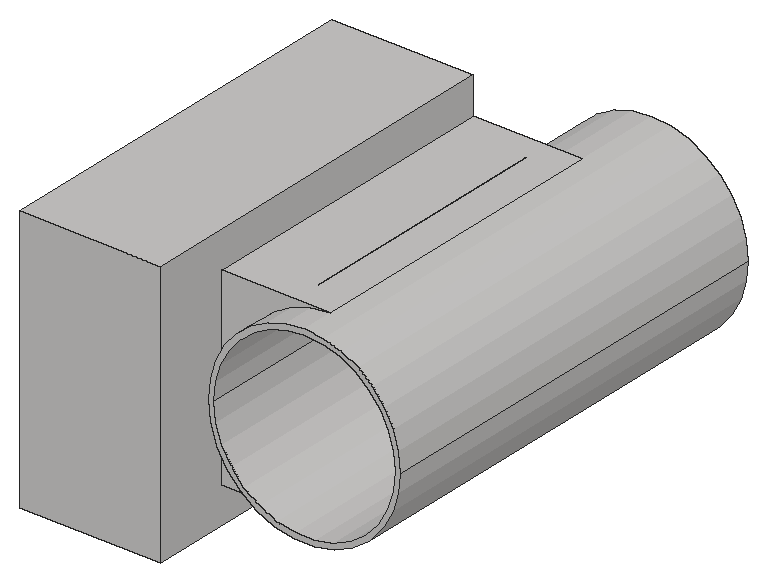
Revit family
Parameters
  Unit Weight = "21.0 lbs"
  URL = "http://www.titus-hvac.com/"
  Static Pressure [instance] = 0.00 in-wg
  Nominal Width = 1' - 4"
  Nominal Length = 1' - 10"
  Nominal Inlet Size = 0' - 9"
  Nominal Inlet Length = 1' - 8"
  Nominal Height = 1' - 0 1/4"
  Model = "DECV"
  Min. Air Flow = 0 CFM
  Max. Air Flow = 1050 CFM
  Material = Steel
  Manufacturer = "Titus"
  Inlet Radius = 0' - 4 7/16"
  Inlet Opening Radius = 0' - 4 3/16"
  Inlet Offset = 0' - 4"
  Inlet Extrusion Radius = 0' - 4 7/16"
  Inlet Diameter = 0' - 8 7/8"
  Inlet = Duct D / 2  # 0' - 4 7/16"
  Duct D = 0' - 8 7/8"
  Design Air Flow [instance] = 0 CFM
  Description = "Digital Control Terminal Unit, Retrofit, Variable Volume"
  Control Box Offset = 0' - 5 1/16"
  CADworks URL = "www.CADworks.net"
  Assembly Code = "D3040100"
Reference planes (in)
  plane 1 "Center (Front/Back)": y = 0
  plane 2: z = 0
  plane 3 "Center (Left/Right)": x = 0
  plane 4: x = -5.0625
  plane 5: y = 6
  plane 6: y = 10
  plane 7: y = -10
  plane 8: y = -10
  plane 9: z = 6.125
  plane 10: z = -6.125
  plane 11: x = -11.5625
  plane 12: x = 4.4375
  plane 13: y = -12
Forms (in)
  Extrusion 1, solid, material "Steel" <- "Material"
    sketch origin (0, 6, 0) x (-1, 0, 0) y (0, 0, -1)
      loop
        line (5.0625, -6.125) -> (11.5625, -6.125) -> (11.5625, 6.125) -> (5.0625, 6.125) -> (5.0625, -6.125)
    from 0 to 18
  Extrusion 2, solid, material "Steel" <- "Material"
    sketch origin (0, 10, 0) x (1, 0, 0) y (0, 0, 1)
      loop
        line (-5.0625, -4.4375) -> (0, -4.4375)
        arc (0, -4.4375) -> (-4.4375, 0) -> (0, 4.4375) r 4.4375
        line (0, 4.4375) -> (-5.0625, 4.4375) -> (-5.0625, -4.4375)
    from 4 to 18.5
  Extrusion 3, solid, material "Steel" <- "Material"
    sketch origin (0, -8.5, 0) x (1, 0, 0) y (0, 0, 1)
      loop
        circle (0, 0) r 4.4375
    from -18.5 to 1.5
  Extrusion 4, void
    sketch origin (0, -10, 0) x (-1, 0, 0) y (0, 0, 1)
      loop
        circle (0, 0) r 4.1875
    from 0 to 24
Cuts and joins
  Extrusion 4 cuts Extrusion 2
  Extrusion 4 cuts Extrusion 3
Dimensions and locks (in)
  locked: Extrusion 1 to Extrusion 1 at 18
  locked: Extrusion 3 sketch curve to level at 0
  locked: Extrusion 3 sketch curve to plane 3 "Center (Left/Right)" at 0
  "Control Box Offset": plane 3 "Center (Left/Right)" to Extrusion 1
  locked: Extrusion 1 sketch curve to Extrusion 1 sketch curve at 6.5
  locked: Extrusion 1 sketch curve to Extrusion 1 sketch curve at 12.25
  equal spacing: Extrusion 1 sketch curve, plane 2, Extrusion 1 sketch curve
  "Inlet Offset": plane 6 to plane 5
  locked: Extrusion 1 to plane 5 at 0
  "Inlet Diameter": Extrusion 2 sketch curve to Extrusion 2 sketch curve
  equal spacing: Extrusion 2 sketch curve, plane 2, Extrusion 2 sketch curve
  "Control Box Offset": plane 4 to plane 3 "Center (Left/Right)"
  "Inlet Offset": plane 6 to cut or joined group of Extrusion 2, Extrusion 4
  locked: cut or joined group of Extrusion 3, Extrusion 4 to plane 6 at 0
  "Nominal Inlet Length": cut or joined group of Extrusion 3, Extrusion 4 to cut or joined group of Extrusion 3, Extrusion 4
  equal spacing: cut or joined group of Extrusion 3, Extrusion 4, plane 1 "Center (Front/Back)", cut or joined group of Extrusion 3, Extrusion 4
  "Nominal Inlet Length": plane 7 to plane 6
  equal spacing: plane 7, plane 1 "Center (Front/Back)", plane 6
  locked: plane 7 to cut or joined group of Extrusion 2, Extrusion 4 at 1.5
  locked: plane 8 to plane 6 at 20
  locked: plane 9 to plane 10 at 12.25
  "Inlet Radius": radius of Extrusion 3 sketch curve
  "Inlet Extrusion Radius": radius of Extrusion 2 sketch curve
  "Inlet Opening Radius": radius of Extrusion 4 sketch curve
  aligned and locked: plane 3 "Center (Left/Right)" to connector elem
  aligned and locked: connector elem to plane 3 "Center (Left/Right)"
  aligned and locked: cut or joined group of Extrusion 2, Extrusion 4 to Extrusion 1  (x2)
  aligned and locked: plane 3 "Center (Left/Right)" to Extrusion 2 sketch curve
  aligned and locked: plane 4 to Extrusion 1
Automatic sketch dimensions
  plane 4 to Extrusion 1 sketch curve = 0' - 0"
  Extrusion 2 sketch curve to plane 4 = 0' - 0"
Connectors (in)
  hvac at (0, -10, 0), driven by "Design Air Flow", driven by "Inlet", driven by "Static Pressure"
    settings: on cut or joined group of Extrusion 3, Extrusion 4, index 1
  hvac at (0, 10, 0), driven by "Static Pressure", driven by "Design Air Flow", driven by "Inlet"
    settings: on cut or joined group of Extrusion 3, Extrusion 4, index 2
